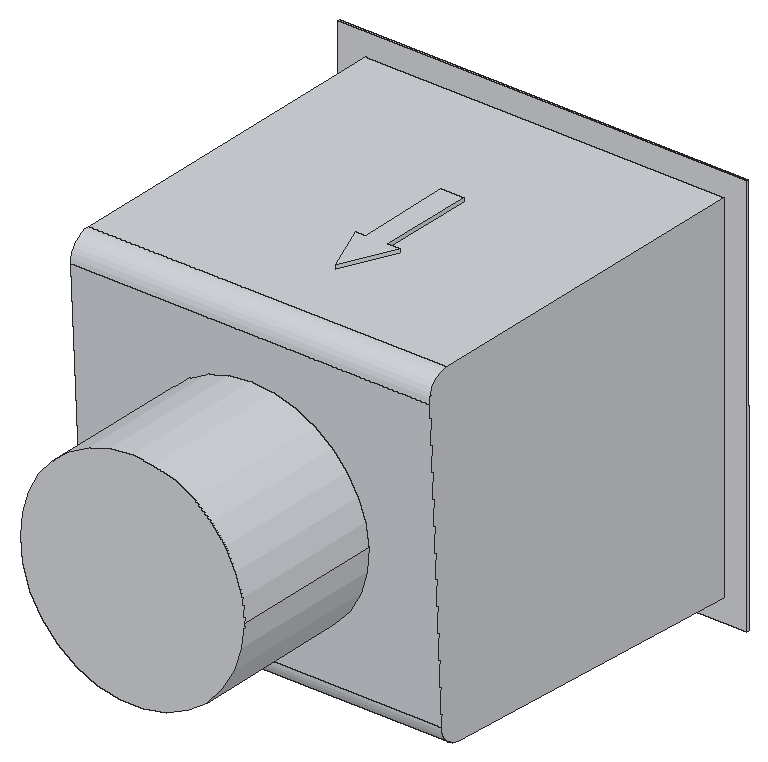
Revit family "SVI-50", category Generic Models, Revit 2019
Family settings
  Can host rebar = No
  Round Connector Dimension = Use Diameter
  Part Type = Normal
  Work Plane-Based = No
  Always vertical = Yes
  Cut with Voids When Loaded = No
  Shared = No
  Room Calculation Point = No
Reference planes (in)
  plane 1 "Center (Front/Back)": y = 0
  plane 2: z = 0
  plane 3 "Center (Left/Right)": x = 0
Forms (in)
  Extrusion 1, solid
    sketch origin (0, 0, 0) x (0, 1, 0) y (0, 0, 1)
      loop
        line (0, 0) -> (0, 8) -> (-7.76688, 8)
        arc (-7.76688, 8) -> (-8.12956, 7.84418) -> (-8.26619, 7.47383) r 0.5
        line (-8.26619, 7.47383) -> (-7.91975, 0.86341)
        arc (-7.91975, 0.86341) -> (-7.77399, 0.53602) -> (-7.44661, 0.39026) r 0.5
        line (-7.44661, 0.39026) -> (0, 0)
    from 0.00895 to 8
  Extrusion 2, solid
    sketch origin (0, 0, 0) x (1, 0, 0) y (0, 0, 1)
      loop
        line (8.5, 8.5) -> (-0.61034, 8.5) -> (-0.61034, -0.5) -> (8.5, -0.5) -> (8.5, 8.5)
    from 0 to 0.05
  Extrusion 3, solid
    sketch origin (0, 0, 0) x (1, 0, 0) y (0, 0, 1)
      loop
        circle (4, 4) r 2.5
    from 0 to 11.54201
  Extrusion 4, void
    sketch origin (0, 0, 0) x (1, 0, 0) y (0, 0, 1)
      loop
        line (0.13966, 0.41297) -> (7.70621, 0.41297) -> (7.70621, 7.66297) -> (0.13966, 7.66297) -> (0.13966, 0.41297)
    from 0 to 1.25
  Extrusion 5, solid
    sketch origin (0, 0, -1) x (0, 1, 0) y (0, 0, -1)
      loop
        arc (-1.33215, -7.42053) -> (-0.58339, -7.22164) -> (0.04024, -6.76197) r 2.07508
        line (0.04024, -6.76197) -> (0.01193, -6.73366)
        arc (0.01193, -6.73366) -> (-0.59872, -7.18463) -> (-1.33215, -7.38043) r 2.03508
        line (-1.33215, -7.38043) -> (-1.33215, -7.42053)
    from -7.63966 to -0.13966
  Extrusion 6, solid
    sketch origin (0, 0, -2) x (0, 1, 0) y (0, 0, -1)
      loop
        arc (-1.33215, -7.42053) -> (-0.58339, -7.22164) -> (0.04024, -6.76197) r 2.07508
        line (0.04024, -6.76197) -> (0.01193, -6.73366)
        arc (0.01193, -6.73366) -> (-0.59872, -7.18463) -> (-1.33215, -7.38043) r 2.03508
        line (-1.33215, -7.38043) -> (-1.33215, -7.42053)
    from -7.63966 to -0.13966
  Extrusion 7, solid
    sketch origin (0, 0, -3) x (0, 1, 0) y (0, 0, -1)
      loop
        arc (-1.33215, -7.42053) -> (-0.58339, -7.22164) -> (0.04024, -6.76197) r 2.07508
        line (0.04024, -6.76197) -> (0.01193, -6.73366)
        arc (0.01193, -6.73366) -> (-0.59872, -7.18463) -> (-1.33215, -7.38043) r 2.03508
        line (-1.33215, -7.38043) -> (-1.33215, -7.42053)
    from -7.63966 to -0.13966
  Extrusion 8, solid
    sketch origin (0, 0, -4) x (0, 1, 0) y (0, 0, -1)
      loop
        arc (-1.33215, -7.42053) -> (-0.58339, -7.22164) -> (0.04024, -6.76197) r 2.07508
        line (0.04024, -6.76197) -> (0.01193, -6.73366)
        arc (0.01193, -6.73366) -> (-0.59872, -7.18463) -> (-1.33215, -7.38043) r 2.03508
        line (-1.33215, -7.38043) -> (-1.33215, -7.42053)
    from -7.63966 to -0.13966
  Extrusion 9, solid
    sketch origin (0, 0, 0) x (0, 1, 0) y (0, 0, -1)
      loop
        arc (-1.33215, -7.42053) -> (-0.58339, -7.22164) -> (0.04024, -6.76197) r 2.07508
        line (0.04024, -6.76197) -> (0.01193, -6.73366)
        arc (0.01193, -6.73366) -> (-0.59872, -7.18463) -> (-1.33215, -7.38043) r 2.03508
        line (-1.33215, -7.38043) -> (-1.33215, -7.42053)
    from -7.63966 to -0.13966
  Extrusion 10, solid
    sketch origin (0, 0, -5) x (0, 1, 0) y (0, 0, -1)
      loop
        arc (-1.33215, -7.42053) -> (-0.58339, -7.22164) -> (0.04024, -6.76197) r 2.07508
        line (0.04024, -6.76197) -> (0.01193, -6.73366)
        arc (0.01193, -6.73366) -> (-0.59872, -7.18463) -> (-1.33215, -7.38043) r 2.03508
        line (-1.33215, -7.38043) -> (-1.33215, -7.42053)
    from -7.63966 to -0.13966
  Extrusion 11, solid
    sketch origin (0, 0, -6) x (0, 1, 0) y (0, 0, -1)
      loop
        arc (-1.33215, -7.42053) -> (-0.58339, -7.22164) -> (0.04024, -6.76197) r 2.07508
        line (0.04024, -6.76197) -> (0.01193, -6.73366)
        arc (0.01193, -6.73366) -> (-0.59872, -7.18463) -> (-1.33215, -7.38043) r 2.03508
        line (-1.33215, -7.38043) -> (-1.33215, -7.42053)
    from -7.63966 to -0.13966
  Extrusion 12, solid
    sketch origin (8.75, 0, 0) x (1, 0, 0) y (0, 1, 0)
      loop
        line (-4.69483, -3.00676) -> (-4.69483, -5.11712) -> (-4.91656, -5.11712) -> (-4.44483, -6.25) -> (-3.91656, -5.11712) -> (-4.19483, -5.11712) -> (-4.19483, -3.00676) -> (-4.69483, -3.00676)
    from 7.66297 to 8.08018
Cuts and joins
  Extrusion 4 cuts Extrusion 1
  Extrusion 4 cuts Extrusion 2
  Extrusion 4 cuts Extrusion 3
  joined: Extrusion 1, Extrusion 2, Extrusion 3, Extrusion 6, Extrusion 7, Extrusion 8, Extrusion 9, Extrusion 10, Extrusion 11, Extrusion 12
Lines and regions (in)
  model lines
    curve 1: line (0.13966, 0, 0.41297) -> (7.70621, 0, 0.41297)
    curve 2: line (0.13966, 0, 7.66297) -> (0.13966, 0, 0.41297)
    curve 3: line (7.70621, 0, 7.66297) -> (0.13966, 0, 7.66297)
    curve 4: line (7.70621, 0, 0.41297) -> (7.70621, 0, 7.66297)
    curve 5: line (7.63966, 0, 7.66297) -> (1.63966, 0, 7.66297)
    curve 6: line (7.63966, 0, 0.41297) -> (7.63966, 0, 7.66297)
    curve 7: line (1.63966, 0, 0.41297) -> (7.63966, 0, 0.41297)
    curve 8: line (7.63966, 0, 7.66297) -> (1.63966, 0, 7.66297)
    curve 9: line (7.63966, 0, 0.41297) -> (7.63966, 0, 7.66297)
    curve 10: line (1.63966, 0, 0.41297) -> (7.63966, 0, 0.41297)
Dimensions and locks (in)
  Extrusion 1 sketch curve to Extrusion 1 sketch curve = 8.26619"
  cut or joined group 1 (Extrusion 1, Extrusion 2, Extrusion 3, Extrusion 4, Extrusion 6, Extrusion 7, Extrusion 8, Extrusion 9, Extrusion 10, Extrusion 11, Extrusion 12) to cut or joined group 1 = 7.99105"
  aligned and locked: level to plane 2
Connectors (in)
  hvac at (4, -11.54201, 4)
    settings: on cut or joined group 1, index 1, duct flow 0.0 L/s, flow factor 0, pres drop 0.0 Pa, loss coef 0, conn angle 0.00°, conn width 304.8 mm, conn height 304.8 mm, conn diameter 127 mm, duct sys type 3, conn prof type 0, flow config 0, flow direction 2, loss method 0, conn ref index -1, conn util no, is conn primary yes, conn desc ""
